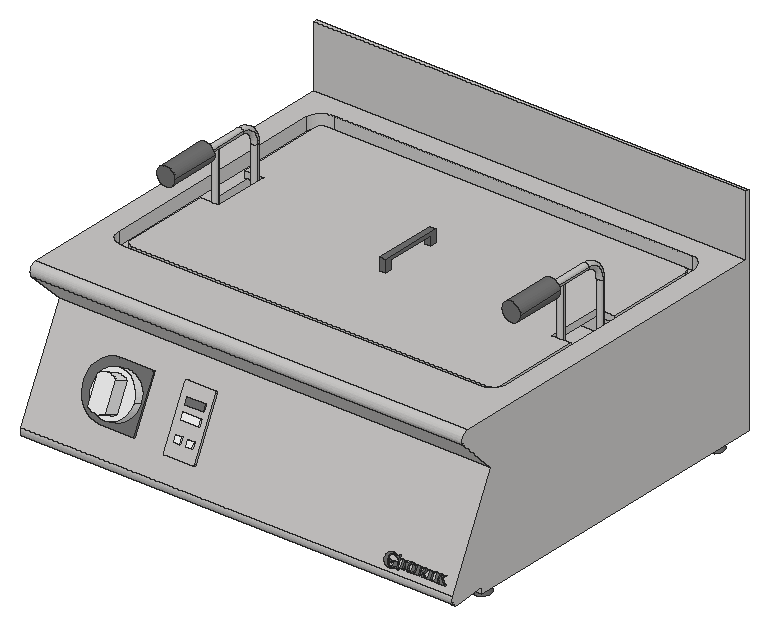
Revit family "QF_GIORIK_MFG1800", category Specialty Equipment, Revit 2014
Parameters (values of type "MFG1800")
  Weight in Pounds = 0
  URL Cutsheet = "www.giorik.com"
  URL = "www.giorik.com"
  Status [instance] = ""
  Specification by User [instance] = ""
  Specification by Manufacturer = ""
  Show Logo [instance] = yes
  Show Clearance [instance] = yes
  Serial Number = ""
  Seismic Rating = ""
  SMACNA No = ""
  Revision Code [instance] = ""
  NAFEM Spec ID Number = ""
  Model = "MFG1800"
  Mechanical Remarks [instance] = "Natural Gas"
  Mechanical Connection Type [instance] = ""
  Masterspec = ""
  Manufacturer = "GIORIK"
  Item Number [instance] = ""
  Installed By [instance] = ""
  Identify Quantity as Lot [instance] = no
  Gas Size = 1"
  Gas RI Height [instance] = 0 mm
  Gas KW = 12
  Gas Input = 12000 W
  Gas Connection Height [instance] = 0 mm
  Furnished By [instance] = ""
  Foodservice Equipment Identifier [instance] = yes
  Description = "COUNTER FRYER 18 LT"
  CSI MasterFormat = ""
  Assembly Code = "E1090320"
Reference planes
  plane 1 "Back": y = 0
  plane 2: z = 0
  plane 3 "Left": x = 0
  plane 4 "Right": x = 700
  plane 5 "Front": y = -600
  plane 6 "Top": z = 300
Forms (mm)
  Extrusion 1, solid, visible <- "Show Logo"
    sketch origin (491.604, -616.761, 9.486) x (-1, 0, 0) y (0, 0.452718, 0.891654)
      loop
        line (-118.824, 58.358) -> (-127.804, 58.358) -> (-125.523, 56.445) -> (-125.523, 48.027) -> (-127.804, 46.113) -> (-118.824, 46.113) -> (-121.105, 48.027) -> (-121.105, 56.445) -> (-118.824, 58.358)
      loop
        line (-163.721, 58.358) -> (-172.7, 58.358) -> (-170.42, 56.445) -> (-170.42, 48.027) -> (-172.7, 46.113) -> (-163.721, 46.113) -> (-166.001, 48.027) -> (-166.001, 56.445) -> (-163.721, 58.358)
      loop
        line (-174.332, 58.358) -> (-183.312, 58.358) -> (-181.031, 56.445) -> (-181.031, 52.435) -> (-186.419, 56.955) -> (-184.416, 58.358) -> (-191.268, 58.358) -> (-188.01, 56.839) -> (-185.455, 54.283) -> (-190.846, 47.858) -> (-193.396, 46.93) -> (-193.396, 46.113) -> (-184.416, 46.113) -> (-185.437, 47.571) -> (-182.443, 51.552) -> (-181.031, 50.894) -> (-181.031, 48.027) -> (-183.312, 46.113) -> (-174.332, 46.113) -> (-176.613, 48.027) -> (-176.613, 56.445) -> (-174.332, 58.358)
      loop
        line (-115.429, 62.063) -> (-115.429, 54.198)
        arc (-115.429, 54.198) -> (-111.618, 57.803) -> (-106.847, 59.986) r 16.039
        arc (-106.847, 59.986) -> (-103.314, 59.837) -> (-100.512, 57.68) r 5.851
        arc (-100.512, 57.68) -> (-98.815, 52.267) -> (-100.512, 46.853) r 9.479
        arc (-100.512, 46.853) -> (-102.406, 44.986) -> (-104.846, 43.93) r 7.236
        arc (-104.846, 43.93) -> (-107.728, 44.111) -> (-110.052, 45.825) r 5.11
        line (-110.052, 45.825) -> (-110.052, 52.001) -> (-116.141, 52.001) -> (-116.141, 45.503) -> (-117.893, 43.751) -> (-114.094, 44.769)
        arc (-114.094, 44.769) -> (-112.56, 44.947) -> (-111.129, 44.366) r 3.115
        arc (-111.129, 44.366) -> (-104.216, 42.091) -> (-97.303, 44.366) r 11.641
        arc (-97.303, 44.366) -> (-93.396, 52.107) -> (-97.303, 59.849) r 9.622
        arc (-97.303, 59.849) -> (-104.369, 62.174) -> (-111.435, 59.849) r 11.898
        line (-111.435, 59.849) -> (-115.429, 62.063)
      loop
        arc (-129.234, 56.068) -> (-135.893, 58.628) -> (-142.552, 56.068) r 9.941
        arc (-142.552, 56.068) -> (-144.234, 52.286) -> (-142.552, 48.505) r 5.093
        arc (-142.552, 48.505) -> (-135.893, 45.945) -> (-129.234, 48.505) r 9.941
        arc (-129.234, 48.505) -> (-127.552, 52.286) -> (-129.234, 56.068) r 5.093
      loop
        arc (-132.628, 54.403) -> (-135.893, 57.668) -> (-139.158, 54.403) r 3.265
        line (-139.158, 54.403) -> (-139.158, 50.169)
        arc (-139.158, 50.169) -> (-135.893, 46.904) -> (-132.628, 50.169) r 3.265
        line (-132.628, 50.169) -> (-132.628, 54.403)
      loop
        arc (-156.363, 58.365) -> (-159.647, 55.081) -> (-156.363, 51.796) r 3.285
        line (-156.363, 51.796) -> (-159.529, 47.306) -> (-162.087, 46.113) -> (-155.847, 46.113) -> (-153.529, 51.083) -> (-150.637, 51.083) -> (-150.637, 47.784) -> (-153.022, 46.113) -> (-144.011, 46.113) -> (-146.094, 47.68) -> (-146.094, 56.493) -> (-144.229, 58.365) -> (-156.363, 58.365)
      loop
        line (-150.637, 57.512) -> (-153.637, 57.512)
        arc (-153.637, 57.512) -> (-156.237, 54.912) -> (-153.637, 52.312) r 2.6
        line (-153.637, 52.312) -> (-150.637, 52.312) -> (-150.637, 57.512)
      loop
        line (-108.924, 52.001) -> (-104.936, 49.005) -> (-100.948, 52.001) -> (-108.924, 52.001)
    from 1.5 to -0.5
  Extrusion 2, solid
    sketch origin (0, 1120, -620) x (0, 1, 0) y (0, 0, 1)
      loop
        line (-1120, 989.988) -> (-1125, 989.988) -> (-1125, 889.988) -> (-1688.806, 889.988)
        arc (-1688.806, 889.988) -> (-1699.151, 883.075) -> (-1696.724, 870.873) r 11.197
        line (-1696.724, 870.873) -> (-1640.876, 815.025) -> (-1718.948, 661.258)
        arc (-1718.948, 661.258) -> (-1718.233, 650.105) -> (-1708.118, 645.354) r 10.981
        line (-1708.118, 645.354) -> (-1660, 649.925) -> (-1660, 640) -> (-1120, 640) -> (-1120, 989.988)
    from 0 to 700
  Extrusion 3, solid
    sketch origin (-293.221, -843.345, -547.637) x (1, 0, 0) y (0, 0.452718, 0.891654)
      loop
        line (463.221, 676.25) -> (463.221, 766.25) -> (409.698, 766.25)
        arc (409.698, 766.25) -> (364.698, 721.25) -> (409.698, 676.25) r 45
        line (409.698, 676.25) -> (463.221, 676.25)
    from 48 to 50
  Extrusion 4, solid
    sketch origin (481.331, -888.697, -525.041) x (-1, 0, 0) y (0, -0.45351, -0.891251)
      loop
        circle (351.331, -721.346) r 35
    from 0 to 15
  Extrusion 5, solid
    sketch origin (481.331, -888.697, -525.041) x (-1, 0, 0) y (0, -0.45351, -0.891251)
      loop
        arc (336.331, -743.846) -> (351.331, -748.846) -> (366.331, -743.846) r 25
        line (366.331, -743.846) -> (366.331, -698.846)
        arc (366.331, -698.846) -> (351.331, -693.846) -> (336.331, -698.846) r 25
        line (336.331, -698.846) -> (336.331, -743.846)
    from 15 to 40
  Extrusion 6, void
    sketch origin (0, 120, 219.988) x (0, 1, 0) y (-1, 0, 0)
      loop
        arc (-160, -60) -> (-167.322, -42.322) -> (-185, -35) r 25
        line (-185, -35) -> (-565.002, -35)
        arc (-565.002, -35) -> (-582.68, -42.322) -> (-590.002, -60) r 25
        line (-590.002, -60) -> (-590.002, -640)
        arc (-590.002, -640) -> (-582.68, -657.678) -> (-565.002, -665) r 25
        line (-565.002, -665) -> (-185, -665)
        arc (-185, -665) -> (-167.322, -657.678) -> (-160, -640) r 25
        line (-160, -640) -> (-160, -60)
    from -100 to 50
  Extrusion 7, solid
    sketch origin (0, 120, 300) x (0, 1, 0) y (-1, 0, 0)
      loop
        arc (-160, -60) -> (-167.322, -42.322) -> (-185, -35) r 25
        line (-185, -35) -> (-565.002, -35)
        arc (-565.002, -35) -> (-582.68, -42.322) -> (-590.002, -60) r 25
        line (-590.002, -60) -> (-590.002, -640)
        arc (-590.002, -640) -> (-582.68, -657.678) -> (-565.002, -665) r 25
        line (-565.002, -665) -> (-185, -665)
        arc (-185, -665) -> (-167.322, -657.678) -> (-160, -640) r 25
        line (-160, -640) -> (-160, -60)
      loop
        arc (-180, -64.989) -> (-182.929, -57.918) -> (-190, -54.989) r 10
        line (-190, -54.989) -> (-555.002, -54.989)
        arc (-555.002, -54.989) -> (-562.073, -57.918) -> (-565.002, -64.989) r 10
        line (-565.002, -64.989) -> (-565.002, -635)
        arc (-565.002, -635) -> (-562.073, -642.071) -> (-555.002, -645) r 10
        line (-555.002, -645) -> (-190, -645)
        arc (-190, -645) -> (-182.929, -642.071) -> (-180, -635) r 10
        line (-180, -635) -> (-180, -64.989)
    from -180.012 to -50
  Extrusion 8, solid
    sketch origin (-305.187, -917.248, -584.889) x (1, 0, 0) y (0, 0.453086, 0.891467)
      loop
        arc (527.687, 837.056) -> (525.919, 836.323) -> (525.187, 834.556) r 2.5
        line (525.187, 834.556) -> (525.187, 739.556)
        arc (525.187, 739.556) -> (525.919, 737.788) -> (527.687, 737.056) r 2.5
        line (527.687, 737.056) -> (572.687, 737.056)
        arc (572.687, 737.056) -> (574.454, 737.788) -> (575.187, 739.556) r 2.5
        line (575.187, 739.556) -> (575.187, 834.556)
        arc (575.187, 834.556) -> (574.454, 836.323) -> (572.687, 837.056) r 2.5
        line (572.687, 837.056) -> (527.687, 837.056)
    from 0 to 2
  Extrusion 9, solid
    sketch origin (-303.229, -911.046, -572.686) x (1, 0, 0) y (0, 0.453086, 0.891467)
      loop
        line (533.229, 803.367) -> (533.229, 793.367) -> (563.229, 793.367) -> (563.229, 803.367) -> (533.229, 803.367)
    from 0 to 3
  Extrusion 10, solid
    sketch origin (-303.229, -913.311, -577.143) x (1, 0, 0) y (0, 0.453086, 0.891467)
      loop
        line (533.229, 758.367) -> (533.229, 748.367) -> (543.229, 748.367) -> (543.229, 758.367) -> (533.229, 758.367)
    from 0 to 3
  Extrusion 11, solid
    sketch origin (-303.229, -920.107, -590.515) x (1, 0, 0) y (0, 0.453086, 0.891467)
      loop
        line (533.229, 803.367) -> (533.229, 793.367) -> (563.229, 793.367) -> (563.229, 803.367) -> (533.229, 803.367)
    from 0 to 3
  Extrusion 12, solid
    sketch origin (-283.229, -913.311, -577.143) x (1, 0, 0) y (0, 0.453086, 0.891467)
      loop
        line (533.229, 758.367) -> (533.229, 748.367) -> (543.229, 748.367) -> (543.229, 758.367) -> (533.229, 758.367)
    from 0 to 3
  Sweep 13, solid
    path origin (69.989, -52.501, -880) x (0, 1, 0) y (0, 0, 1)
      loop
        line (-160, 999.988) -> (-160, 1189.988)
        arc (-160, 1189.988) -> (-168.787, 1211.201) -> (-190, 1219.988) r 30
        line (-190, 1219.988) -> (-260, 1219.988)
    profile origin (69.989, -212.501, 214.988) x (0, -1, 0) y (1, 0, 0)
      loop
        circle (0, 0) r 5
  Extrusion 14, solid
    sketch origin (69.989, -50.001, 270) x (0, 1, 0) y (-1, 0, 0)
      loop
        circle (-242.47, 0) r 5
    from -150.012 to 70
  Sweep 15, solid
    path origin (630, -52.501, -880) x (0, 1, 0) y (0, 0, 1)
      loop
        line (-160, 999.988) -> (-160, 1189.988)
        arc (-160, 1189.988) -> (-168.787, 1211.201) -> (-190, 1219.988) r 30
        line (-190, 1219.988) -> (-260, 1219.988)
    profile origin (630, -212.501, 214.988) x (0, -1, 0) y (1, 0, 0)
      loop
        circle (0, 0) r 5
  Extrusion 16, solid
    sketch origin (630, -50.001, 270) x (0, 1, 0) y (-1, 0, 0)
      loop
        circle (-242.47, 0) r 5
    from -150.012 to 70
  Extrusion 17, solid
    sketch origin (0, 0, 270) x (0, 1, 0) y (-1, 0, 0)
      loop
        arc (-55, -60) -> (-57.929, -52.929) -> (-65, -50) r 10
        line (-65, -50) -> (-207.501, -50) -> (-207.501, -80) -> (-297.501, -80) -> (-297.501, -50) -> (-440, -50)
        arc (-440, -50) -> (-447.071, -52.929) -> (-450, -60) r 10
        line (-450, -60) -> (-450, -640)
        arc (-450, -640) -> (-447.071, -647.071) -> (-440, -650) r 10
        line (-440, -650) -> (-297.501, -650) -> (-297.501, -620) -> (-207.501, -620) -> (-207.501, -650) -> (-65, -650)
        arc (-65, -650) -> (-57.929, -647.071) -> (-55, -640) r 10
        line (-55, -640) -> (-55, -60)
    from -20 to -10
  Extrusion 18, solid
    sketch origin (325, 40, -880) x (0, 1, 0) y (0, 0, 1)
      loop
        line (-252.5, 1140) -> (-242.5, 1140) -> (-242.5, 1160) -> (-342.5, 1160) -> (-342.5, 1140) -> (-332.5, 1140) -> (-332.5, 1155) -> (-252.5, 1155) -> (-252.5, 1140)
    from 20 to 30
  Extrusion 19, solid
    sketch origin (0, -312.501, -880) x (1, 0, 0) y (0, 0, 1)
      loop
        circle (69.989, 1220) r 15
    from 0 to 80
  Extrusion 20, solid
    sketch origin (560.011, -312.501, -880) x (1, 0, 0) y (0, 0, 1)
      loop
        circle (69.989, 1220) r 15
    from 0 to 80
  Extrusion 21, solid
    sketch origin (-112, -256, -25) x (0, 1, 0) y (-1, 0, 0)
      loop
        circle (-129, -162) r 12.5
    from 30 to 45
  Extrusion 22, solid
    sketch origin (543.603, 45.293, -30) x (0, 1, 0) y (-1, 0, 0)
      loop
        circle (-79.293, 516.603) r 5
    from 41.965 to 50
  Revolve 23, solid
    sketch origin (27, 49.943, -600) x (0, 1, 0) y (0, 0, 1)
      loop
        line (-83.943, 611.965) -> (-94.752, 611.965) -> (-97.943, 600) -> (-83.943, 600) -> (-83.943, 611.965)
      axis (-83.943, 611.965) -> (-83.943, 600)
    angle from 0 to 360
  Extrusion 24, solid
    sketch origin (156.397, 45.293, -30) x (0, 1, 0) y (-1, 0, 0)
      loop
        circle (-79.293, -516.603) r 5
    from 41.965 to 50
  Revolve 25, solid
    sketch origin (673, 49.943, -600) x (0, 1, 0) y (0, 0, -1)
      loop
        line (-83.943, -611.965) -> (-83.943, -600) -> (-97.943, -600) -> (-94.752, -611.965) -> (-83.943, -611.965)
      axis (-83.943, -611.965) -> (-83.943, -600)
    angle from 0 to 360
  Extrusion 26, solid
    sketch origin (543.603, -426.707, -30) x (0, 1, 0) y (-1, 0, 0)
      loop
        circle (-79.293, 516.603) r 5
    from 41.965 to 50
  Revolve 27, solid
    sketch origin (27, -422.057, -600) x (0, 1, 0) y (0, 0, 1)
      loop
        line (-83.943, 611.965) -> (-94.752, 611.965) -> (-97.943, 600) -> (-83.943, 600) -> (-83.943, 611.965)
      axis (-83.943, 611.965) -> (-83.943, 600)
    angle from 0 to 360
  Extrusion 28, solid
    sketch origin (156.397, -426.707, -30) x (0, 1, 0) y (-1, 0, 0)
      loop
        circle (-79.293, -516.603) r 5
    from 41.965 to 50
  Revolve 29, solid
    sketch origin (673, -422.057, -600) x (0, 1, 0) y (0, 0, -1)
      loop
        line (-83.943, -611.965) -> (-83.943, -600) -> (-97.943, -600) -> (-94.752, -611.965) -> (-83.943, -611.965)
      axis (-83.943, -611.965) -> (-83.943, -600)
    angle from 0 to 360
Cuts and joins
  Extrusion 6 cuts Extrusion 2
Lines and regions (mm)
  symbolic lines, style "200-EquipBorder-2D"
    curve 1: line (0, -600, 0) -> (700, -600, 0)
    curve 2: line (700, -600, 0) -> (700, 0, 0)
    curve 3: line (700, 0, 0) -> (0, 0, 0)
    curve 4: line (0, 0, 0) -> (0, -600, 0)
    curve 49: line (115, -607.413, 300) -> (115, -600, 300)
    curve 50: line (145, -607.413, 300) -> (145, -600, 300)
    curve 51: arc (145, -607.413, 300) -> (130, -609.734, 300) -> (115, -607.413, 300) r 49.63
  symbolic lines, style "200-EquipInternal-2D"
    curve 5: line (640, -40, 300) -> (60, -40, 300)
    curve 6: arc (60, -40, 300) -> (42.322, -47.322, 300) -> (35, -65, 300) r 25
    curve 7: line (35, -65, 300) -> (35, -445, 300)
    curve 8: arc (665, -65, 300) -> (657.678, -47.322, 300) -> (640, -40, 300) r 25
    curve 9: line (60, -470, 300) -> (640.318, -470, 300)
    curve 10: arc (35, -445, 300) -> (42.322, -462.678, 300) -> (60, -470, 300) r 25
    curve 11: line (665, -445.002, 300) -> (665, -65, 300)
    curve 12: line (0, -5, 300) -> (700, -5, 300)
    curve 13: line (50, -65, 300) -> (50, -207.501, 300)
    curve 14: line (80, -207.501, 300) -> (80, -297.501, 300)
    curve 15: line (50, -207.501, 300) -> (80, -207.501, 300)
    curve 16: line (64.989, -297.501, 300) -> (50, -297.501, 300)
    curve 17: line (50, -297.501, 300) -> (50, -440, 300)
    curve 18: line (60, -450, 300) -> (640, -450, 300)
    curve 19: line (640, -55, 300) -> (60, -55, 300)
    curve 20: line (650, -207.501, 300) -> (650, -65, 300)
    curve 21: line (650, -440, 300) -> (650, -297.501, 300)
    curve 22: line (620, -297.501, 300) -> (620, -207.501, 300)
    curve 23: line (620, -207.501, 300) -> (650, -207.501, 300)
    curve 24: line (650, -297.501, 300) -> (635, -297.501, 300)
    curve 25: line (54.989, -207.501, 300) -> (54.989, -297.501, 300)
    curve 26: line (645, -207.501, 300) -> (645, -297.501, 300)
    curve 27: line (54.989, -312.501, 300) -> (54.989, -392.501, 300)
    curve 28: line (54.989, -392.501, 300) -> (84.989, -392.501, 300)
    curve 29: line (84.989, -392.501, 300) -> (84.989, -312.501, 300)
    curve 30: line (84.989, -312.501, 300) -> (74.989, -312.501, 300)
    curve 31: line (74.989, -312.501, 300) -> (74.989, -212.501, 300)
    curve 32: line (54.989, -312.501, 300) -> (64.989, -312.501, 300)
    curve 33: line (64.989, -312.501, 300) -> (64.989, -212.501, 300)
    curve 34: line (74.989, -297.501, 300) -> (80, -297.501, 300)
    curve 35: arc (64.989, -212.501, 300) -> (69.989, -207.501, 300) -> (74.989, -212.501, 300) r 5
    curve 36: line (355, -202.5, 300) -> (345, -202.5, 300)
    curve 37: line (355, -302.5, 300) -> (355, -202.5, 300)
    curve 38: line (345, -202.5, 300) -> (345, -302.5, 300)
    curve 39: line (345, -302.5, 300) -> (355, -302.5, 300)
    curve 40: line (620, -297.501, 300) -> (625, -297.501, 300)
    curve 41: line (645, -392.501, 300) -> (615, -392.501, 300)
    curve 42: line (615, -392.501, 300) -> (615, -312.501, 300)
    curve 43: line (615, -312.501, 300) -> (625, -312.501, 300)
    curve 44: line (625, -312.501, 300) -> (625, -212.501, 300)
    curve 45: line (635, -212.501, 300) -> (635, -312.501, 300)
    curve 46: line (635, -312.501, 300) -> (645, -312.501, 300)
    curve 47: line (645, -312.501, 300) -> (645, -392.501, 300)
    curve 48: arc (625, -212.501, 300) -> (630, -207.501, 300) -> (635, -212.501, 300) r 5
    curve 52: arc (60, -55, 300) -> (52.929, -57.929, 300) -> (50, -65, 300) r 10
    curve 53: arc (650, -65, 300) -> (647.071, -57.929, 300) -> (640, -55, 300) r 10
    curve 54: arc (640, -450, 300) -> (647.071, -447.071, 300) -> (650, -440, 300) r 10
    curve 55: arc (640.318, -470, 300) -> (657.79, -462.567, 300) -> (665, -445.002, 300) r 25
    curve 56: arc (50, -440, 300) -> (52.929, -447.071, 300) -> (60, -450, 300) r 10
Dimensions and locks
  plane 3 "Left" to plane 4 "Right" = 700 mm
  plane 5 "Front" to plane 1 "Back" = 600 mm
  plane 4 "Right" to plane 3 "Left" = 700 mm
  plane 1 "Back" to plane 5 "Front" = 600 mm
  plane 6 "Top" to level = 300 mm  (x2)
  aligned and locked: level to plane 2
Connectors
  piping at (50, -385, 5), diameter 25.4, driven by "Gas Size"
    settings: on Extrusion 21, index 1, connector inside diameter 24", connector length 0 mm, flow factor 0, pipe flow 0.0 L/s, pressure drop 0.0 Pa, fitting loss kfactor 0, connector angle 0.00°, fixture units 0, engagement length 0 mm, angle of deflection 0.00°, flow configuration 1, flow direction 1, fitting loss method 0, system type 22, joint type 0, gender type 0, connector reference index -1, connector utility 0, adjustable connector no, is connector primary yes, connector description "Gas inlet"
